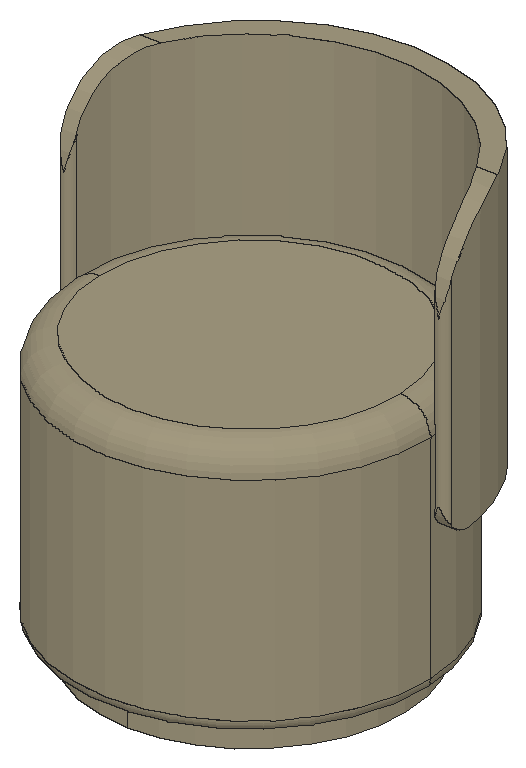
Revit family "FU_Chair_Sandler_Tablet 6-5", category Furniture, Revit 2020
Family settings
  OmniClass Number = 23.21.23.15.17
  Work Plane-Based = Yes
  Always vertical = No
  Cut with Voids When Loaded = No
  Shared = No
  Room Calculation Point = No
Parameters (values of type "TABLET 6.5")
  Youtube clip = ""
  Width = 640.000 mm
  Uniformat II Description = "Movable Furnishings"
  Uniformat II Code = ""
  Uniclass 2015 Name = ""
  Uniclass 2015 Code = ""
  Uniclass 2.0 Description = ""
  Uniclass 2.0 Code = ""
  Uniclass 1.4 Description = ""
  Uniclass 1.4 Code = ""
  UNSPSC Code = ""
  Technical description = ""
  Shell Material [instance] = Fabric - Mainline Flax - Tooting MLF17
  Region South America = "All"
  Region Oceania = "All"
  Region North America = "All"
  Region Middle East = "All"
  Region Europe = "All"
  Region Asia = "All"
  Region Antarctica = "All"
  Region Africa = "All"
  QR code = "https://www.sandlerseating.com/product/tablet-6-3/"
  Product url = "https://www.sandlerseating.com/product/tablet-6-5/"
  Product name = "TABLET 6.3"
  Product group = "Chair"
  Product family = "Furniture"
  Product data url = "https://www.sandlerseating.com/product/tablet-6-5/"
  Product certification = ""
  Product SKU = "??"
  Product Guid = "??"
  OmniClass Description = ""
  OmniClass Code = "23-21 23 15 17"
  NBS Reference Description = ""
  NBS Reference Code = ""
  Model = "TABLET 6.5"
  Masterformat 2014 Description = "Chair Mats"
  Masterformat 2014 Code = "12 48 43.13"
  Manufacturer name = "Sandler"
  Manufacturer country = "USA"
  Manufacturer = "Sandler"
  Installation instructions = ""
  IFC Classification = "Furnishing Element"
  GTIN code = ""
  Edition number = 1
  Design country = "Brasil"
  Description = "90° return swivel lounge chair with upholstered wood plinth."
  Depth = 640.000 mm
  Default Elevation = 0.000 mm
  Date of publishing = ""
  COBIe Type Category = ""
  Brand url = "https://www.sandlerseating.com/"
  BIMobject main category code = "furniture"
  BIMobject main category = "Furniture"
  BIMobject category code = "furniture-chair"
  BIMobject category = "Chair"
Reference planes
  plane 1 "Center Front/Back": y = 0
  plane 2: z = 0
  plane 3 "Center Left/Right": x = 0
  plane 4: z = 480
  plane 5: z = 45
  plane 6: z = 765
  plane 7: x = -320
  plane 8: x = 320
  plane 9: y = -320
  plane 10: y = 320
  plane 11 "Seat Center": y = -15
Forms (mm)
  Extrusion 1, solid, material "Fabric - Mainline Flax - Tooting MLF17" <- "Shell Material"
    sketch origin (0, -15, 800) x (-1, 0, 0) y (0, -1, 0)
      loop
        circle (0, 0) r 305
    from -755 to -320
  Extrusion 2, solid, material "Fabric - Mainline Flax - Tooting MLF17" <- "Shell Material"
    sketch origin (0, -15, 800) x (-1, 0, 0) y (0, -1, 0)
      loop
        arc (330, -15) -> (317.914, -2.33) -> (304.687, -13.803) r 12.685
        arc (304.687, -13.803) -> (0, -305) -> (-304.687, -13.803) r 305
        arc (-304.687, -13.803) -> (-317.914, -2.33) -> (-330, -15) r 12.685
        arc (-330, -15) -> (0, -345) -> (330, -15) r 330
    from -518.696 to -35
  Sweep 3, void
    path in 3D
      loop
        arc (305, -15, 480) -> (0, -320, 480) -> (-305, -15, 480) r 305
        arc (-305, -15, 480) -> (0, 290, 480) -> (305, -15, 480) r 305
    profile origin (0, 290, 480) x (0, 1, 0) y (0, 0, 1)
      loop
        line (0, 0) -> (-50, 0)
        arc (-50, 0) -> (-14.645, -14.645) -> (0, -50) r 50
        line (0, -50) -> (0, 0)
      loop
        line (0, -435) -> (0, -415)
        arc (0, -415) -> (-5.858, -429.142) -> (-20, -435) r 20
        line (-20, -435) -> (0, -435)
  Extrusion 4, void
    sketch origin (0, -15, 0) x (0, -1, 0) y (0, 0, 1)
      loop
        arc (-145, 765) -> (-43.68, 718.514) -> (-2.31, 615) r 150.187
        line (-2.31, 615) -> (-2.31, 765) -> (-145, 765)
    from -335.045 to 337.659
  Extrusion 5, void
    sketch origin (0, -15, 0) x (0, -1, 0) y (0, 0, 1)
      loop
        line (-2.315, 281.304) -> (-2.315, 331.304)
        arc (-2.315, 331.304) -> (-16.96, 295.949) -> (-52.315, 281.304) r 50
        line (-52.315, 281.304) -> (-2.315, 281.304)
    from -345 to 342.572
  Extrusion 6, solid, material "Fabric - Mainline Flax - Tooting MLF17" <- "Shell Material"
    sketch origin (1.9, -15, 800) x (0, 1, 0) y (-1, 0, 0)
      loop
        circle (0, 0) r 262
    from -800 to -755
Cuts and joins
  Sweep 3 cuts Extrusion 1
  Sweep 3, Extrusion 4, Extrusion 5 cuts Extrusion 2
Lines and regions (mm)
  sketch lines
    curve 1: arc (-305, -15, 480) -> (0, 290, 480) -> (305, -15, 480) r 305
    curve 2: arc (305, -15, 480) -> (0, -320, 480) -> (-305, -15, 480) r 305
Dimensions and locks
  equal spacing: plane 7, plane 3 "Center Left/Right", plane 8
  "Width": plane 7 to plane 8
  equal spacing: plane 9, plane 1 "Center Front/Back", plane 10
  "Depth": plane 9 to plane 10
  aligned and locked: level to plane 2
Automatic sketch dimensions
  plane 1 "Center Front/Back" to Extrusion 1 sketch curve = 15.000 mm
  Extrusion 1 sketch curve to plane 3 "Center Left/Right" = 0.000 mm
  plane 1 "Center Front/Back" to Extrusion 2 sketch curve = 15.000 mm
  Extrusion 2 sketch curve to plane 3 "Center Left/Right" = 0.000 mm  (x2)
  Extrusion 2 sketch curve to plane 8 = 2.685 mm
  plane 7 to Extrusion 2 sketch curve = 2.685 mm
  Extrusion 2 sketch curve to plane 1 "Center Front/Back" = 0.000 mm
  Extrusion 2 sketch curve to Extrusion 2 sketch curve = 12.628 mm  (x2)
  plane 8 to Extrusion 2 sketch curve = 10.000 mm
  Extrusion 2 sketch curve to Extrusion 2 sketch curve = 0.000 mm
  Sweep 3 sketch curve to profile plane = 0.000 mm  (x3)
  profile plane to Sweep 3 sketch curve = 20.000 mm
  profile plane to Sweep 3 sketch curve = 50.000 mm
  Sweep 3 sketch curve to Sweep 3 sketch curve = 365.000 mm
  Extrusion 4 sketch curve to plane 6 = 0.000 mm
  Extrusion 4 sketch curve to plane 1 "Center Front/Back" = 137.497 mm
  Extrusion 4 sketch curve to plane 1 "Center Front/Back" = 130.000 mm
  plane 1 "Center Front/Back" to Extrusion 4 sketch curve = 12.690 mm
  Extrusion 5 sketch curve to plane 1 "Center Front/Back" = 37.315 mm
  plane 1 "Center Front/Back" to Extrusion 5 sketch curve = 12.685 mm
  Extrusion 5 sketch curve to plane 4 = 198.696 mm
  plane 3 "Center Left/Right" to Extrusion 6 sketch curve = 1.900 mm
  plane 1 "Center Front/Back" to Extrusion 6 sketch curve = 15.000 mm
  radius of Extrusion 1 sketch curve = 305.000 mm
  radius of Extrusion 6 sketch curve = 262.000 mm
